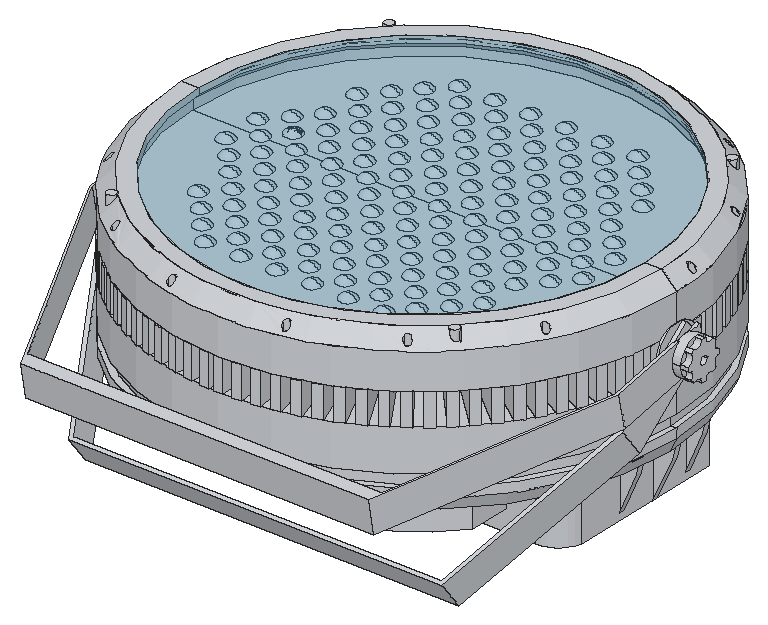
Revit family "WALL WASHER BUILDING_LV2610WW.25", category Luminarias, Revit 2019 (continued)
Forms (mm)
  Revolve 144, solid
    sketch origin (11.49, 92.999, -108.199) x (-1, 0, 0) y (0, 0, 1)
      loop
        arc (-30.028, 289.911) -> (-33.809, 288.864) -> (-36.606, 286.113) r 7.823
        line (-36.606, 286.113) -> (-30.028, 286.113) -> (-30.028, 289.911)
      axis (-30.028, 286.113) -> (-30.028, 289.911)
    angle from 0 to 360
  Revolve 145, solid
    sketch origin (-115.063, 77.354, -108.199) x (-1, 0, 0) y (0, 0, 1)
      loop
        arc (-30.028, 289.911) -> (-33.809, 288.864) -> (-36.606, 286.113) r 7.823
        line (-36.606, 286.113) -> (-30.028, 286.113) -> (-30.028, 289.911)
      axis (-30.028, 286.113) -> (-30.028, 289.911)
    angle from 0 to 360
  Revolve 146, solid
    sketch origin (24.937, 77.354, -108.199) x (-1, 0, 0) y (0, 0, 1)
      loop
        arc (-30.028, 289.911) -> (-33.809, 288.864) -> (-36.606, 286.113) r 7.823
        line (-36.606, 286.113) -> (-30.028, 286.113) -> (-30.028, 289.911)
      axis (-30.028, 286.113) -> (-30.028, 289.911)
    angle from 0 to 360
  Revolve 147, solid
    sketch origin (-87.063, 77.354, -108.199) x (-1, 0, 0) y (0, 0, 1)
      loop
        arc (-30.028, 289.911) -> (-33.809, 288.864) -> (-36.606, 286.113) r 7.823
        line (-36.606, 286.113) -> (-30.028, 286.113) -> (-30.028, 289.911)
      axis (-30.028, 286.113) -> (-30.028, 289.911)
    angle from 0 to 360
  Revolve 148, solid
    sketch origin (-59.063, 77.354, -108.199) x (-1, 0, 0) y (0, 0, 1)
      loop
        arc (-30.028, 289.911) -> (-33.809, 288.864) -> (-36.606, 286.113) r 7.823
        line (-36.606, 286.113) -> (-30.028, 286.113) -> (-30.028, 289.911)
      axis (-30.028, 286.113) -> (-30.028, 289.911)
    angle from 0 to 360
  Revolve 149, solid
    sketch origin (-31.063, 77.354, -108.199) x (-1, 0, 0) y (0, 0, 1)
      loop
        arc (-30.028, 289.911) -> (-33.809, 288.864) -> (-36.606, 286.113) r 7.823
        line (-36.606, 286.113) -> (-30.028, 286.113) -> (-30.028, 289.911)
      axis (-30.028, 286.113) -> (-30.028, 289.911)
    angle from 0 to 360
  Revolve 150, solid
    sketch origin (-3.063, 77.354, -108.199) x (-1, 0, 0) y (0, 0, 1)
      loop
        arc (-30.028, 289.911) -> (-33.809, 288.864) -> (-36.606, 286.113) r 7.823
        line (-36.606, 286.113) -> (-30.028, 286.113) -> (-30.028, 289.911)
      axis (-30.028, 286.113) -> (-30.028, 289.911)
    angle from 0 to 360
  Revolve 151, solid
    sketch origin (52.937, 77.354, -108.199) x (-1, 0, 0) y (0, 0, 1)
      loop
        arc (-30.028, 289.911) -> (-33.809, 288.864) -> (-36.606, 286.113) r 7.823
        line (-36.606, 286.113) -> (-30.028, 286.113) -> (-30.028, 289.911)
      axis (-30.028, 286.113) -> (-30.028, 289.911)
    angle from 0 to 360
  Revolve 152, solid
    sketch origin (-100.51, 61.909, -108.199) x (-1, 0, 0) y (0, 0, 1)
      loop
        arc (-30.028, 289.911) -> (-33.809, 288.864) -> (-36.606, 286.113) r 7.823
        line (-36.606, 286.113) -> (-30.028, 286.113) -> (-30.028, 289.911)
      axis (-30.028, 286.113) -> (-30.028, 289.911)
    angle from 0 to 360
  Revolve 153, solid
    sketch origin (39.49, 61.909, -108.199) x (-1, 0, 0) y (0, 0, 1)
      loop
        arc (-30.028, 289.911) -> (-33.809, 288.864) -> (-36.606, 286.113) r 7.823
        line (-36.606, 286.113) -> (-30.028, 286.113) -> (-30.028, 289.911)
      axis (-30.028, 286.113) -> (-30.028, 289.911)
    angle from 0 to 360
  Revolve 154, solid
    sketch origin (-72.51, 61.909, -108.199) x (-1, 0, 0) y (0, 0, 1)
      loop
        arc (-30.028, 289.911) -> (-33.809, 288.864) -> (-36.606, 286.113) r 7.823
        line (-36.606, 286.113) -> (-30.028, 286.113) -> (-30.028, 289.911)
      axis (-30.028, 286.113) -> (-30.028, 289.911)
    angle from 0 to 360
  Revolve 155, solid
    sketch origin (-44.51, 61.909, -108.199) x (-1, 0, 0) y (0, 0, 1)
      loop
        arc (-30.028, 289.911) -> (-33.809, 288.864) -> (-36.606, 286.113) r 7.823
        line (-36.606, 286.113) -> (-30.028, 286.113) -> (-30.028, 289.911)
      axis (-30.028, 286.113) -> (-30.028, 289.911)
    angle from 0 to 360
  Revolve 156, solid
    sketch origin (-16.51, 61.909, -108.199) x (-1, 0, 0) y (0, 0, 1)
      loop
        arc (-30.028, 289.911) -> (-33.809, 288.864) -> (-36.606, 286.113) r 7.823
        line (-36.606, 286.113) -> (-30.028, 286.113) -> (-30.028, 289.911)
      axis (-30.028, 286.113) -> (-30.028, 289.911)
    angle from 0 to 360
  Revolve 157, solid
    sketch origin (11.49, 61.909, -108.199) x (-1, 0, 0) y (0, 0, 1)
      loop
        arc (-30.028, 289.911) -> (-33.809, 288.864) -> (-36.606, 286.113) r 7.823
        line (-36.606, 286.113) -> (-30.028, 286.113) -> (-30.028, 289.911)
      axis (-30.028, 286.113) -> (-30.028, 289.911)
    angle from 0 to 360
  Revolve 158, solid
    sketch origin (-115.063, 46.246, -108.199) x (-1, 0, 0) y (0, 0, 1)
      loop
        arc (-30.028, 289.911) -> (-33.809, 288.864) -> (-36.606, 286.113) r 7.823
        line (-36.606, 286.113) -> (-30.028, 286.113) -> (-30.028, 289.911)
      axis (-30.028, 286.113) -> (-30.028, 289.911)
    angle from 0 to 360
  Revolve 159, solid
    sketch origin (24.937, 46.246, -108.199) x (-1, 0, 0) y (0, 0, 1)
      loop
        arc (-30.028, 289.911) -> (-33.809, 288.864) -> (-36.606, 286.113) r 7.823
        line (-36.606, 286.113) -> (-30.028, 286.113) -> (-30.028, 289.911)
      axis (-30.028, 286.113) -> (-30.028, 289.911)
    angle from 0 to 360
  Revolve 160, solid
    sketch origin (-87.063, 46.246, -108.199) x (-1, 0, 0) y (0, 0, 1)
      loop
        arc (-30.028, 289.911) -> (-33.809, 288.864) -> (-36.606, 286.113) r 7.823
        line (-36.606, 286.113) -> (-30.028, 286.113) -> (-30.028, 289.911)
      axis (-30.028, 286.113) -> (-30.028, 289.911)
    angle from 0 to 360
  Revolve 161, solid
    sketch origin (-59.063, 46.246, -108.199) x (-1, 0, 0) y (0, 0, 1)
      loop
        arc (-30.028, 289.911) -> (-33.809, 288.864) -> (-36.606, 286.113) r 7.823
        line (-36.606, 286.113) -> (-30.028, 286.113) -> (-30.028, 289.911)
      axis (-30.028, 286.113) -> (-30.028, 289.911)
    angle from 0 to 360
  Revolve 162, solid
    sketch origin (-31.063, 46.246, -108.199) x (-1, 0, 0) y (0, 0, 1)
      loop
        arc (-30.028, 289.911) -> (-33.809, 288.864) -> (-36.606, 286.113) r 7.823
        line (-36.606, 286.113) -> (-30.028, 286.113) -> (-30.028, 289.911)
      axis (-30.028, 286.113) -> (-30.028, 289.911)
    angle from 0 to 360
  Revolve 163, solid
    sketch origin (-3.063, 46.246, -108.199) x (-1, 0, 0) y (0, 0, 1)
      loop
        arc (-30.028, 289.911) -> (-33.809, 288.864) -> (-36.606, 286.113) r 7.823
        line (-36.606, 286.113) -> (-30.028, 286.113) -> (-30.028, 289.911)
      axis (-30.028, 286.113) -> (-30.028, 289.911)
    angle from 0 to 360
  Revolve 164, solid
    sketch origin (52.937, 46.246, -108.199) x (-1, 0, 0) y (0, 0, 1)
      loop
        arc (-30.028, 289.911) -> (-33.809, 288.864) -> (-36.606, 286.113) r 7.823
        line (-36.606, 286.113) -> (-30.028, 286.113) -> (-30.028, 289.911)
      axis (-30.028, 286.113) -> (-30.028, 289.911)
    angle from 0 to 360
  Revolve 165, solid
    sketch origin (-100.51, 30.802, -108.199) x (-1, 0, 0) y (0, 0, 1)
      loop
        arc (-30.028, 289.911) -> (-33.809, 288.864) -> (-36.606, 286.113) r 7.823
        line (-36.606, 286.113) -> (-30.028, 286.113) -> (-30.028, 289.911)
      axis (-30.028, 286.113) -> (-30.028, 289.911)
    angle from 0 to 360
  Revolve 166, solid
    sketch origin (39.49, 30.802, -108.199) x (-1, 0, 0) y (0, 0, 1)
      loop
        arc (-30.028, 289.911) -> (-33.809, 288.864) -> (-36.606, 286.113) r 7.823
        line (-36.606, 286.113) -> (-30.028, 286.113) -> (-30.028, 289.911)
      axis (-30.028, 286.113) -> (-30.028, 289.911)
    angle from 0 to 360
  Revolve 167, solid
    sketch origin (-72.51, 30.802, -108.199) x (-1, 0, 0) y (0, 0, 1)
      loop
        arc (-30.028, 289.911) -> (-33.809, 288.864) -> (-36.606, 286.113) r 7.823
        line (-36.606, 286.113) -> (-30.028, 286.113) -> (-30.028, 289.911)
      axis (-30.028, 286.113) -> (-30.028, 289.911)
    angle from 0 to 360
  Revolve 168, solid
    sketch origin (-44.51, 30.802, -108.199) x (-1, 0, 0) y (0, 0, 1)
      loop
        arc (-30.028, 289.911) -> (-33.809, 288.864) -> (-36.606, 286.113) r 7.823
        line (-36.606, 286.113) -> (-30.028, 286.113) -> (-30.028, 289.911)
      axis (-30.028, 286.113) -> (-30.028, 289.911)
    angle from 0 to 360
  Revolve 169, solid
    sketch origin (-16.51, 30.802, -108.199) x (-1, 0, 0) y (0, 0, 1)
      loop
        arc (-30.028, 289.911) -> (-33.809, 288.864) -> (-36.606, 286.113) r 7.823
        line (-36.606, 286.113) -> (-30.028, 286.113) -> (-30.028, 289.911)
      axis (-30.028, 286.113) -> (-30.028, 289.911)
    angle from 0 to 360
  Revolve 170, solid
    sketch origin (11.49, 30.802, -108.199) x (-1, 0, 0) y (0, 0, 1)
      loop
        arc (-30.028, 289.911) -> (-33.809, 288.864) -> (-36.606, 286.113) r 7.823
        line (-36.606, 286.113) -> (-30.028, 286.113) -> (-30.028, 289.911)
      axis (-30.028, 286.113) -> (-30.028, 289.911)
    angle from 0 to 360
  Revolve 171, solid
    sketch origin (-115.063, 15.138, -108.199) x (-1, 0, 0) y (0, 0, 1)
      loop
        arc (-30.028, 289.911) -> (-33.809, 288.864) -> (-36.606, 286.113) r 7.823
        line (-36.606, 286.113) -> (-30.028, 286.113) -> (-30.028, 289.911)
      axis (-30.028, 286.113) -> (-30.028, 289.911)
    angle from 0 to 360
  Revolve 172, solid
    sketch origin (24.937, 15.138, -108.199) x (-1, 0, 0) y (0, 0, 1)
      loop
        arc (-30.028, 289.911) -> (-33.809, 288.864) -> (-36.606, 286.113) r 7.823
        line (-36.606, 286.113) -> (-30.028, 286.113) -> (-30.028, 289.911)
      axis (-30.028, 286.113) -> (-30.028, 289.911)
    angle from 0 to 360
  Revolve 173, solid
    sketch origin (-87.063, 15.138, -108.199) x (-1, 0, 0) y (0, 0, 1)
      loop
        arc (-30.028, 289.911) -> (-33.809, 288.864) -> (-36.606, 286.113) r 7.823
        line (-36.606, 286.113) -> (-30.028, 286.113) -> (-30.028, 289.911)
      axis (-30.028, 286.113) -> (-30.028, 289.911)
    angle from 0 to 360
  Revolve 174, solid
    sketch origin (-59.063, 15.138, -108.199) x (-1, 0, 0) y (0, 0, 1)
      loop
        arc (-30.028, 289.911) -> (-33.809, 288.864) -> (-36.606, 286.113) r 7.823
        line (-36.606, 286.113) -> (-30.028, 286.113) -> (-30.028, 289.911)
      axis (-30.028, 286.113) -> (-30.028, 289.911)
    angle from 0 to 360
  Revolve 175, solid
    sketch origin (-31.063, 15.138, -108.199) x (-1, 0, 0) y (0, 0, 1)
      loop
        arc (-30.028, 289.911) -> (-33.809, 288.864) -> (-36.606, 286.113) r 7.823
        line (-36.606, 286.113) -> (-30.028, 286.113) -> (-30.028, 289.911)
      axis (-30.028, 286.113) -> (-30.028, 289.911)
    angle from 0 to 360
  Revolve 176, solid
    sketch origin (-3.063, 15.138, -108.199) x (-1, 0, 0) y (0, 0, 1)
      loop
        arc (-30.028, 289.911) -> (-33.809, 288.864) -> (-36.606, 286.113) r 7.823
        line (-36.606, 286.113) -> (-30.028, 286.113) -> (-30.028, 289.911)
      axis (-30.028, 286.113) -> (-30.028, 289.911)
    angle from 0 to 360
  Revolve 177, solid
    sketch origin (52.937, 15.138, -108.199) x (-1, 0, 0) y (0, 0, 1)
      loop
        arc (-30.028, 289.911) -> (-33.809, 288.864) -> (-36.606, 286.113) r 7.823
        line (-36.606, 286.113) -> (-30.028, 286.113) -> (-30.028, 289.911)
      axis (-30.028, 286.113) -> (-30.028, 289.911)
    angle from 0 to 360
  Revolve 178, solid
    sketch origin (-100.51, -0.306, -108.199) x (-1, 0, 0) y (0, 0, 1)
      loop
        arc (-30.028, 289.911) -> (-33.809, 288.864) -> (-36.606, 286.113) r 7.823
        line (-36.606, 286.113) -> (-30.028, 286.113) -> (-30.028, 289.911)
      axis (-30.028, 286.113) -> (-30.028, 289.911)
    angle from 0 to 360
  Revolve 179, solid
    sketch origin (39.49, -0.306, -108.199) x (-1, 0, 0) y (0, 0, 1)
      loop
        arc (-30.028, 289.911) -> (-33.809, 288.864) -> (-36.606, 286.113) r 7.823
        line (-36.606, 286.113) -> (-30.028, 286.113) -> (-30.028, 289.911)
      axis (-30.028, 286.113) -> (-30.028, 289.911)
    angle from 0 to 360
  Revolve 180, solid
    sketch origin (-72.51, -0.306, -108.199) x (-1, 0, 0) y (0, 0, 1)
      loop
        arc (-30.028, 289.911) -> (-33.809, 288.864) -> (-36.606, 286.113) r 7.823
        line (-36.606, 286.113) -> (-30.028, 286.113) -> (-30.028, 289.911)
      axis (-30.028, 286.113) -> (-30.028, 289.911)
    angle from 0 to 360
  Revolve 181, solid
    sketch origin (-44.51, -0.306, -108.199) x (-1, 0, 0) y (0, 0, 1)
      loop
        arc (-30.028, 289.911) -> (-33.809, 288.864) -> (-36.606, 286.113) r 7.823
        line (-36.606, 286.113) -> (-30.028, 286.113) -> (-30.028, 289.911)
      axis (-30.028, 286.113) -> (-30.028, 289.911)
    angle from 0 to 360
  Revolve 182, solid
    sketch origin (-16.51, -0.306, -108.199) x (-1, 0, 0) y (0, 0, 1)
      loop
        arc (-30.028, 289.911) -> (-33.809, 288.864) -> (-36.606, 286.113) r 7.823
        line (-36.606, 286.113) -> (-30.028, 286.113) -> (-30.028, 289.911)
      axis (-30.028, 286.113) -> (-30.028, 289.911)
    angle from 0 to 360
  Revolve 183, solid
    sketch origin (11.49, -0.306, -108.199) x (-1, 0, 0) y (0, 0, 1)
      loop
        arc (-30.028, 289.911) -> (-33.809, 288.864) -> (-36.606, 286.113) r 7.823
        line (-36.606, 286.113) -> (-30.028, 286.113) -> (-30.028, 289.911)
      axis (-30.028, 286.113) -> (-30.028, 289.911)
    angle from 0 to 360
  Revolve 184, solid
    sketch origin (-115.063, -15.837, -108.199) x (-1, 0, 0) y (0, 0, 1)
      loop
        arc (-30.028, 289.911) -> (-33.809, 288.864) -> (-36.606, 286.113) r 7.823
        line (-36.606, 286.113) -> (-30.028, 286.113) -> (-30.028, 289.911)
      axis (-30.028, 286.113) -> (-30.028, 289.911)
    angle from 0 to 360
  Revolve 185, solid
    sketch origin (24.937, -15.837, -108.199) x (-1, 0, 0) y (0, 0, 1)
      loop
        arc (-30.028, 289.911) -> (-33.809, 288.864) -> (-36.606, 286.113) r 7.823
        line (-36.606, 286.113) -> (-30.028, 286.113) -> (-30.028, 289.911)
      axis (-30.028, 286.113) -> (-30.028, 289.911)
    angle from 0 to 360
  Revolve 186, solid
    sketch origin (-87.063, -15.837, -108.199) x (-1, 0, 0) y (0, 0, 1)
      loop
        arc (-30.028, 289.911) -> (-33.809, 288.864) -> (-36.606, 286.113) r 7.823
        line (-36.606, 286.113) -> (-30.028, 286.113) -> (-30.028, 289.911)
      axis (-30.028, 286.113) -> (-30.028, 289.911)
    angle from 0 to 360
  Revolve 187, solid
    sketch origin (-59.063, -15.837, -108.199) x (-1, 0, 0) y (0, 0, 1)
      loop
        arc (-30.028, 289.911) -> (-33.809, 288.864) -> (-36.606, 286.113) r 7.823
        line (-36.606, 286.113) -> (-30.028, 286.113) -> (-30.028, 289.911)
      axis (-30.028, 286.113) -> (-30.028, 289.911)
    angle from 0 to 360
  Revolve 188, solid
    sketch origin (-31.063, -15.837, -108.199) x (-1, 0, 0) y (0, 0, 1)
      loop
        arc (-30.028, 289.911) -> (-33.809, 288.864) -> (-36.606, 286.113) r 7.823
        line (-36.606, 286.113) -> (-30.028, 286.113) -> (-30.028, 289.911)
      axis (-30.028, 286.113) -> (-30.028, 289.911)
    angle from 0 to 360
  Revolve 189, solid
    sketch origin (-3.063, -15.837, -108.199) x (-1, 0, 0) y (0, 0, 1)
      loop
        arc (-30.028, 289.911) -> (-33.809, 288.864) -> (-36.606, 286.113) r 7.823
        line (-36.606, 286.113) -> (-30.028, 286.113) -> (-30.028, 289.911)
      axis (-30.028, 286.113) -> (-30.028, 289.911)
    angle from 0 to 360
  Revolve 190, solid
    sketch origin (52.937, -15.837, -108.199) x (-1, 0, 0) y (0, 0, 1)
      loop
        arc (-30.028, 289.911) -> (-33.809, 288.864) -> (-36.606, 286.113) r 7.823
        line (-36.606, 286.113) -> (-30.028, 286.113) -> (-30.028, 289.911)
      axis (-30.028, 286.113) -> (-30.028, 289.911)
    angle from 0 to 360
  Revolve 191, solid
    sketch origin (-100.51, -31.281, -108.199) x (-1, 0, 0) y (0, 0, 1)
      loop
        arc (-30.028, 289.911) -> (-33.809, 288.864) -> (-36.606, 286.113) r 7.823
        line (-36.606, 286.113) -> (-30.028, 286.113) -> (-30.028, 289.911)
      axis (-30.028, 286.113) -> (-30.028, 289.911)
    angle from 0 to 360
  Revolve 192, solid
    sketch origin (39.49, -31.281, -108.199) x (-1, 0, 0) y (0, 0, 1)
      loop
        arc (-30.028, 289.911) -> (-33.809, 288.864) -> (-36.606, 286.113) r 7.823
        line (-36.606, 286.113) -> (-30.028, 286.113) -> (-30.028, 289.911)
      axis (-30.028, 286.113) -> (-30.028, 289.911)
    angle from 0 to 360
  Revolve 193, solid
    sketch origin (-72.51, -31.281, -108.199) x (-1, 0, 0) y (0, 0, 1)
      loop
        arc (-30.028, 289.911) -> (-33.809, 288.864) -> (-36.606, 286.113) r 7.823
        line (-36.606, 286.113) -> (-30.028, 286.113) -> (-30.028, 289.911)
      axis (-30.028, 286.113) -> (-30.028, 289.911)
    angle from 0 to 360
  Revolve 194, solid
    sketch origin (-44.51, -31.281, -108.199) x (-1, 0, 0) y (0, 0, 1)
      loop
        arc (-30.028, 289.911) -> (-33.809, 288.864) -> (-36.606, 286.113) r 7.823
        line (-36.606, 286.113) -> (-30.028, 286.113) -> (-30.028, 289.911)
      axis (-30.028, 286.113) -> (-30.028, 289.911)
    angle from 0 to 360
  Revolve 195, solid
    sketch origin (-16.51, -31.281, -108.199) x (-1, 0, 0) y (0, 0, 1)
      loop
        arc (-30.028, 289.911) -> (-33.809, 288.864) -> (-36.606, 286.113) r 7.823
        line (-36.606, 286.113) -> (-30.028, 286.113) -> (-30.028, 289.911)
      axis (-30.028, 286.113) -> (-30.028, 289.911)
    angle from 0 to 360
  Revolve 196, solid
    sketch origin (11.49, -31.281, -108.199) x (-1, 0, 0) y (0, 0, 1)
      loop
        arc (-30.028, 289.911) -> (-33.809, 288.864) -> (-36.606, 286.113) r 7.823
        line (-36.606, 286.113) -> (-30.028, 286.113) -> (-30.028, 289.911)
      axis (-30.028, 286.113) -> (-30.028, 289.911)
    angle from 0 to 360
  Revolve 197, solid
    sketch origin (-115.063, -46.945, -108.199) x (-1, 0, 0) y (0, 0, 1)
      loop
        arc (-30.028, 289.911) -> (-33.809, 288.864) -> (-36.606, 286.113) r 7.823
        line (-36.606, 286.113) -> (-30.028, 286.113) -> (-30.028, 289.911)
      axis (-30.028, 286.113) -> (-30.028, 289.911)
    angle from 0 to 360
  Revolve 198, solid
    sketch origin (24.937, -46.945, -108.199) x (-1, 0, 0) y (0, 0, 1)
      loop
        arc (-30.028, 289.911) -> (-33.809, 288.864) -> (-36.606, 286.113) r 7.823
        line (-36.606, 286.113) -> (-30.028, 286.113) -> (-30.028, 289.911)
      axis (-30.028, 286.113) -> (-30.028, 289.911)
    angle from 0 to 360
  Revolve 199, solid
    sketch origin (-87.063, -46.945, -108.199) x (-1, 0, 0) y (0, 0, 1)
      loop
        arc (-30.028, 289.911) -> (-33.809, 288.864) -> (-36.606, 286.113) r 7.823
        line (-36.606, 286.113) -> (-30.028, 286.113) -> (-30.028, 289.911)
      axis (-30.028, 286.113) -> (-30.028, 289.911)
    angle from 0 to 360
  Revolve 200, solid
    sketch origin (-59.063, -46.945, -108.199) x (-1, 0, 0) y (0, 0, 1)
      loop
        arc (-30.028, 289.911) -> (-33.809, 288.864) -> (-36.606, 286.113) r 7.823
        line (-36.606, 286.113) -> (-30.028, 286.113) -> (-30.028, 289.911)
      axis (-30.028, 286.113) -> (-30.028, 289.911)
    angle from 0 to 360
  Revolve 201, solid
    sketch origin (-31.063, -46.945, -108.199) x (-1, 0, 0) y (0, 0, 1)
      loop
        arc (-30.028, 289.911) -> (-33.809, 288.864) -> (-36.606, 286.113) r 7.823
        line (-36.606, 286.113) -> (-30.028, 286.113) -> (-30.028, 289.911)
      axis (-30.028, 286.113) -> (-30.028, 289.911)
    angle from 0 to 360
  Revolve 202, solid
    sketch origin (-3.063, -46.945, -108.199) x (-1, 0, 0) y (0, 0, 1)
      loop
        arc (-30.028, 289.911) -> (-33.809, 288.864) -> (-36.606, 286.113) r 7.823
        line (-36.606, 286.113) -> (-30.028, 286.113) -> (-30.028, 289.911)
      axis (-30.028, 286.113) -> (-30.028, 289.911)
    angle from 0 to 360
  Revolve 203, solid
    sketch origin (52.937, -46.945, -108.199) x (-1, 0, 0) y (0, 0, 1)
      loop
        arc (-30.028, 289.911) -> (-33.809, 288.864) -> (-36.606, 286.113) r 7.823
        line (-36.606, 286.113) -> (-30.028, 286.113) -> (-30.028, 289.911)
      axis (-30.028, 286.113) -> (-30.028, 289.911)
    angle from 0 to 360
  Revolve 204, solid
    sketch origin (-100.51, -62.389, -108.199) x (-1, 0, 0) y (0, 0, 1)
      loop
        arc (-30.028, 289.911) -> (-33.809, 288.864) -> (-36.606, 286.113) r 7.823
        line (-36.606, 286.113) -> (-30.028, 286.113) -> (-30.028, 289.911)
      axis (-30.028, 286.113) -> (-30.028, 289.911)
    angle from 0 to 360
  Revolve 205, solid
    sketch origin (39.49, -62.389, -108.199) x (-1, 0, 0) y (0, 0, 1)
      loop
        arc (-30.028, 289.911) -> (-33.809, 288.864) -> (-36.606, 286.113) r 7.823
        line (-36.606, 286.113) -> (-30.028, 286.113) -> (-30.028, 289.911)
      axis (-30.028, 286.113) -> (-30.028, 289.911)
    angle from 0 to 360
  Revolve 206, solid
    sketch origin (-72.51, -62.389, -108.199) x (-1, 0, 0) y (0, 0, 1)
      loop
        arc (-30.028, 289.911) -> (-33.809, 288.864) -> (-36.606, 286.113) r 7.823
        line (-36.606, 286.113) -> (-30.028, 286.113) -> (-30.028, 289.911)
      axis (-30.028, 286.113) -> (-30.028, 289.911)
    angle from 0 to 360
  Revolve 207, solid
    sketch origin (-44.51, -62.389, -108.199) x (-1, 0, 0) y (0, 0, 1)
      loop
        arc (-30.028, 289.911) -> (-33.809, 288.864) -> (-36.606, 286.113) r 7.823
        line (-36.606, 286.113) -> (-30.028, 286.113) -> (-30.028, 289.911)
      axis (-30.028, 286.113) -> (-30.028, 289.911)
    angle from 0 to 360
  Revolve 208, solid
    sketch origin (-16.51, -62.389, -108.199) x (-1, 0, 0) y (0, 0, 1)
      loop
        arc (-30.028, 289.911) -> (-33.809, 288.864) -> (-36.606, 286.113) r 7.823
        line (-36.606, 286.113) -> (-30.028, 286.113) -> (-30.028, 289.911)
      axis (-30.028, 286.113) -> (-30.028, 289.911)
    angle from 0 to 360
  Revolve 209, solid
    sketch origin (11.49, -62.389, -108.199) x (-1, 0, 0) y (0, 0, 1)
      loop
        arc (-30.028, 289.911) -> (-33.809, 288.864) -> (-36.606, 286.113) r 7.823
        line (-36.606, 286.113) -> (-30.028, 286.113) -> (-30.028, 289.911)
      axis (-30.028, 286.113) -> (-30.028, 289.911)
    angle from 0 to 360
  Revolve 210, solid
    sketch origin (-115.063, -77.872, -108.199) x (-1, 0, 0) y (0, 0, 1)
      loop
        arc (-30.028, 289.911) -> (-33.809, 288.864) -> (-36.606, 286.113) r 7.823
        line (-36.606, 286.113) -> (-30.028, 286.113) -> (-30.028, 289.911)
      axis (-30.028, 286.113) -> (-30.028, 289.911)
    angle from 0 to 360
  Revolve 211, solid
    sketch origin (24.937, -77.872, -108.199) x (-1, 0, 0) y (0, 0, 1)
      loop
        arc (-30.028, 289.911) -> (-33.809, 288.864) -> (-36.606, 286.113) r 7.823
        line (-36.606, 286.113) -> (-30.028, 286.113) -> (-30.028, 289.911)
      axis (-30.028, 286.113) -> (-30.028, 289.911)
    angle from 0 to 360
  Revolve 212, solid
    sketch origin (-87.063, -77.872, -108.199) x (-1, 0, 0) y (0, 0, 1)
      loop
        arc (-30.028, 289.911) -> (-33.809, 288.864) -> (-36.606, 286.113) r 7.823
        line (-36.606, 286.113) -> (-30.028, 286.113) -> (-30.028, 289.911)
      axis (-30.028, 286.113) -> (-30.028, 289.911)
    angle from 0 to 360
  Revolve 213, solid
    sketch origin (-59.063, -77.872, -108.199) x (-1, 0, 0) y (0, 0, 1)
      loop
        arc (-30.028, 289.911) -> (-33.809, 288.864) -> (-36.606, 286.113) r 7.823
        line (-36.606, 286.113) -> (-30.028, 286.113) -> (-30.028, 289.911)
      axis (-30.028, 286.113) -> (-30.028, 289.911)
    angle from 0 to 360
  Revolve 214, solid
    sketch origin (-31.063, -77.872, -108.199) x (-1, 0, 0) y (0, 0, 1)
      loop
        arc (-30.028, 289.911) -> (-33.809, 288.864) -> (-36.606, 286.113) r 7.823
        line (-36.606, 286.113) -> (-30.028, 286.113) -> (-30.028, 289.911)
      axis (-30.028, 286.113) -> (-30.028, 289.911)
    angle from 0 to 360
  Revolve 215, solid
    sketch origin (-3.063, -77.872, -108.199) x (-1, 0, 0) y (0, 0, 1)
      loop
        arc (-30.028, 289.911) -> (-33.809, 288.864) -> (-36.606, 286.113) r 7.823
        line (-36.606, 286.113) -> (-30.028, 286.113) -> (-30.028, 289.911)
      axis (-30.028, 286.113) -> (-30.028, 289.911)
    angle from 0 to 360
  Revolve 216, solid
    sketch origin (52.937, -77.872, -108.199) x (-1, 0, 0) y (0, 0, 1)
      loop
        arc (-30.028, 289.911) -> (-33.809, 288.864) -> (-36.606, 286.113) r 7.823
        line (-36.606, 286.113) -> (-30.028, 286.113) -> (-30.028, 289.911)
      axis (-30.028, 286.113) -> (-30.028, 289.911)
    angle from 0 to 360
  Revolve 217, solid
    sketch origin (-100.51, -93.316, -108.199) x (-1, 0, 0) y (0, 0, 1)
      loop
        arc (-30.028, 289.911) -> (-33.809, 288.864) -> (-36.606, 286.113) r 7.823
        line (-36.606, 286.113) -> (-30.028, 286.113) -> (-30.028, 289.911)
      axis (-30.028, 286.113) -> (-30.028, 289.911)
    angle from 0 to 360
  Revolve 218, solid
    sketch origin (39.49, -93.316, -108.199) x (-1, 0, 0) y (0, 0, 1)
      loop
        arc (-30.028, 289.911) -> (-33.809, 288.864) -> (-36.606, 286.113) r 7.823
        line (-36.606, 286.113) -> (-30.028, 286.113) -> (-30.028, 289.911)
      axis (-30.028, 286.113) -> (-30.028, 289.911)
    angle from 0 to 360
  Revolve 219, solid
    sketch origin (-72.51, -93.316, -108.199) x (-1, 0, 0) y (0, 0, 1)
      loop
        arc (-30.028, 289.911) -> (-33.809, 288.864) -> (-36.606, 286.113) r 7.823
        line (-36.606, 286.113) -> (-30.028, 286.113) -> (-30.028, 289.911)
      axis (-30.028, 286.113) -> (-30.028, 289.911)
    angle from 0 to 360
  Revolve 220, solid
    sketch origin (-44.51, -93.316, -108.199) x (-1, 0, 0) y (0, 0, 1)
      loop
        arc (-30.028, 289.911) -> (-33.809, 288.864) -> (-36.606, 286.113) r 7.823
        line (-36.606, 286.113) -> (-30.028, 286.113) -> (-30.028, 289.911)
      axis (-30.028, 286.113) -> (-30.028, 289.911)
    angle from 0 to 360
  Revolve 221, solid
    sketch origin (-16.51, -93.316, -108.199) x (-1, 0, 0) y (0, 0, 1)
      loop
        arc (-30.028, 289.911) -> (-33.809, 288.864) -> (-36.606, 286.113) r 7.823
        line (-36.606, 286.113) -> (-30.028, 286.113) -> (-30.028, 289.911)
      axis (-30.028, 286.113) -> (-30.028, 289.911)
    angle from 0 to 360
  Revolve 222, solid
    sketch origin (11.49, -93.316, -108.199) x (-1, 0, 0) y (0, 0, 1)
      loop
        arc (-30.028, 289.911) -> (-33.809, 288.864) -> (-36.606, 286.113) r 7.823
        line (-36.606, 286.113) -> (-30.028, 286.113) -> (-30.028, 289.911)
      axis (-30.028, 286.113) -> (-30.028, 289.911)
    angle from 0 to 360
  Revolve 223, solid
    sketch origin (-115.063, -108.984, -108.199) x (-1, 0, 0) y (0, 0, 1)
      loop
        arc (-30.028, 289.911) -> (-33.809, 288.864) -> (-36.606, 286.113) r 7.823
        line (-36.606, 286.113) -> (-30.028, 286.113) -> (-30.028, 289.911)
      axis (-30.028, 286.113) -> (-30.028, 289.911)
    angle from 0 to 360
  Revolve 224, solid
    sketch origin (24.937, -108.984, -108.199) x (-1, 0, 0) y (0, 0, 1)
      loop
        arc (-30.028, 289.911) -> (-33.809, 288.864) -> (-36.606, 286.113) r 7.823
        line (-36.606, 286.113) -> (-30.028, 286.113) -> (-30.028, 289.911)
      axis (-30.028, 286.113) -> (-30.028, 289.911)
    angle from 0 to 360
  Revolve 225, solid
    sketch origin (-87.063, -108.984, -108.199) x (-1, 0, 0) y (0, 0, 1)
      loop
        arc (-30.028, 289.911) -> (-33.809, 288.864) -> (-36.606, 286.113) r 7.823
        line (-36.606, 286.113) -> (-30.028, 286.113) -> (-30.028, 289.911)
      axis (-30.028, 286.113) -> (-30.028, 289.911)
    angle from 0 to 360
  Revolve 226, solid
    sketch origin (-59.063, -108.984, -108.199) x (-1, 0, 0) y (0, 0, 1)
      loop
        arc (-30.028, 289.911) -> (-33.809, 288.864) -> (-36.606, 286.113) r 7.823
        line (-36.606, 286.113) -> (-30.028, 286.113) -> (-30.028, 289.911)
      axis (-30.028, 286.113) -> (-30.028, 289.911)
    angle from 0 to 360
  Revolve 227, solid
    sketch origin (-31.063, -108.984, -108.199) x (-1, 0, 0) y (0, 0, 1)
      loop
        arc (-30.028, 289.911) -> (-33.809, 288.864) -> (-36.606, 286.113) r 7.823
        line (-36.606, 286.113) -> (-30.028, 286.113) -> (-30.028, 289.911)
      axis (-30.028, 286.113) -> (-30.028, 289.911)
    angle from 0 to 360
  Revolve 228, solid
    sketch origin (-3.063, -108.984, -108.199) x (-1, 0, 0) y (0, 0, 1)
      loop
        arc (-30.028, 289.911) -> (-33.809, 288.864) -> (-36.606, 286.113) r 7.823
        line (-36.606, 286.113) -> (-30.028, 286.113) -> (-30.028, 289.911)
      axis (-30.028, 286.113) -> (-30.028, 289.911)
    angle from 0 to 360
  Revolve 229, solid
    sketch origin (52.937, -108.984, -108.199) x (-1, 0, 0) y (0, 0, 1)
      loop
        arc (-30.028, 289.911) -> (-33.809, 288.864) -> (-36.606, 286.113) r 7.823
        line (-36.606, 286.113) -> (-30.028, 286.113) -> (-30.028, 289.911)
      axis (-30.028, 286.113) -> (-30.028, 289.911)
    angle from 0 to 360
  Revolve 230, solid
    sketch origin (-100.51, -124.429, -108.199) x (-1, 0, 0) y (0, 0, 1)
      loop
        arc (-30.028, 289.911) -> (-33.809, 288.864) -> (-36.606, 286.113) r 7.823
        line (-36.606, 286.113) -> (-30.028, 286.113) -> (-30.028, 289.911)
      axis (-30.028, 286.113) -> (-30.028, 289.911)
    angle from 0 to 360
  Revolve 231, solid
    sketch origin (39.49, -124.429, -108.199) x (-1, 0, 0) y (0, 0, 1)
      loop
        arc (-30.028, 289.911) -> (-33.809, 288.864) -> (-36.606, 286.113) r 7.823
        line (-36.606, 286.113) -> (-30.028, 286.113) -> (-30.028, 289.911)
      axis (-30.028, 286.113) -> (-30.028, 289.911)
    angle from 0 to 360
  Revolve 232, solid
    sketch origin (-72.51, -124.429, -108.199) x (-1, 0, 0) y (0, 0, 1)
      loop
        arc (-30.028, 289.911) -> (-33.809, 288.864) -> (-36.606, 286.113) r 7.823
        line (-36.606, 286.113) -> (-30.028, 286.113) -> (-30.028, 289.911)
      axis (-30.028, 286.113) -> (-30.028, 289.911)
    angle from 0 to 360
  Revolve 233, solid
    sketch origin (-44.51, -124.429, -108.199) x (-1, 0, 0) y (0, 0, 1)
      loop
        arc (-30.028, 289.911) -> (-33.809, 288.864) -> (-36.606, 286.113) r 7.823
        line (-36.606, 286.113) -> (-30.028, 286.113) -> (-30.028, 289.911)
      axis (-30.028, 286.113) -> (-30.028, 289.911)
    angle from 0 to 360
  Revolve 234, solid
    sketch origin (-16.51, -124.429, -108.199) x (-1, 0, 0) y (0, 0, 1)
      loop
        arc (-30.028, 289.911) -> (-33.809, 288.864) -> (-36.606, 286.113) r 7.823
        line (-36.606, 286.113) -> (-30.028, 286.113) -> (-30.028, 289.911)
      axis (-30.028, 286.113) -> (-30.028, 289.911)
    angle from 0 to 360
  Revolve 235, solid
    sketch origin (11.49, -124.429, -108.199) x (-1, 0, 0) y (0, 0, 1)
      loop
        arc (-30.028, 289.911) -> (-33.809, 288.864) -> (-36.606, 286.113) r 7.823
        line (-36.606, 286.113) -> (-30.028, 286.113) -> (-30.028, 289.911)
      axis (-30.028, 286.113) -> (-30.028, 289.911)
    angle from 0 to 360
  Revolve 236, solid
    sketch origin (67.49, 61.909, -108.199) x (-1, 0, 0) y (0, 0, 1)
      loop
        arc (-30.028, 289.911) -> (-33.809, 288.864) -> (-36.606, 286.113) r 7.823
        line (-36.606, 286.113) -> (-30.028, 286.113) -> (-30.028, 289.911)
      axis (-30.028, 286.113) -> (-30.028, 289.911)
    angle from 0 to 360
  Revolve 237, solid
    sketch origin (80.937, 46.246, -108.199) x (-1, 0, 0) y (0, 0, 1)
      loop
        arc (-30.028, 289.911) -> (-33.809, 288.864) -> (-36.606, 286.113) r 7.823
        line (-36.606, 286.113) -> (-30.028, 286.113) -> (-30.028, 289.911)
      axis (-30.028, 286.113) -> (-30.028, 289.911)
    angle from 0 to 360
  Revolve 238, solid
    sketch origin (67.49, 30.802, -108.199) x (-1, 0, 0) y (0, 0, 1)
      loop
        arc (-30.028, 289.911) -> (-33.809, 288.864) -> (-36.606, 286.113) r 7.823
        line (-36.606, 286.113) -> (-30.028, 286.113) -> (-30.028, 289.911)
      axis (-30.028, 286.113) -> (-30.028, 289.911)
    angle from 0 to 360
  Revolve 239, solid
    sketch origin (80.937, 15.138, -108.199) x (-1, 0, 0) y (0, 0, 1)
      loop
        arc (-30.028, 289.911) -> (-33.809, 288.864) -> (-36.606, 286.113) r 7.823
        line (-36.606, 286.113) -> (-30.028, 286.113) -> (-30.028, 289.911)
      axis (-30.028, 286.113) -> (-30.028, 289.911)
    angle from 0 to 360
  Revolve 240, solid
    sketch origin (67.49, -0.306, -108.199) x (-1, 0, 0) y (0, 0, 1)
      loop
        arc (-30.028, 289.911) -> (-33.809, 288.864) -> (-36.606, 286.113) r 7.823
        line (-36.606, 286.113) -> (-30.028, 286.113) -> (-30.028, 289.911)
      axis (-30.028, 286.113) -> (-30.028, 289.911)
    angle from 0 to 360
  Revolve 241, solid
    sketch origin (80.937, -15.837, -108.199) x (-1, 0, 0) y (0, 0, 1)
      loop
        arc (-30.028, 289.911) -> (-33.809, 288.864) -> (-36.606, 286.113) r 7.823
        line (-36.606, 286.113) -> (-30.028, 286.113) -> (-30.028, 289.911)
      axis (-30.028, 286.113) -> (-30.028, 289.911)
    angle from 0 to 360
  Revolve 242, solid
    sketch origin (67.49, -31.281, -108.199) x (-1, 0, 0) y (0, 0, 1)
      loop
        arc (-30.028, 289.911) -> (-33.809, 288.864) -> (-36.606, 286.113) r 7.823
        line (-36.606, 286.113) -> (-30.028, 286.113) -> (-30.028, 289.911)
      axis (-30.028, 286.113) -> (-30.028, 289.911)
    angle from 0 to 360
  Revolve 243, solid
    sketch origin (80.937, -46.945, -108.199) x (-1, 0, 0) y (0, 0, 1)
      loop
        arc (-30.028, 289.911) -> (-33.809, 288.864) -> (-36.606, 286.113) r 7.823
        line (-36.606, 286.113) -> (-30.028, 286.113) -> (-30.028, 289.911)
      axis (-30.028, 286.113) -> (-30.028, 289.911)
    angle from 0 to 360
  Revolve 244, solid
    sketch origin (67.49, -62.389, -108.199) x (-1, 0, 0) y (0, 0, 1)
      loop
        arc (-30.028, 289.911) -> (-33.809, 288.864) -> (-36.606, 286.113) r 7.823
        line (-36.606, 286.113) -> (-30.028, 286.113) -> (-30.028, 289.911)
      axis (-30.028, 286.113) -> (-30.028, 289.911)
    angle from 0 to 360
  Revolve 245, solid
    sketch origin (80.937, -77.872, -108.199) x (-1, 0, 0) y (0, 0, 1)
      loop
        arc (-30.028, 289.911) -> (-33.809, 288.864) -> (-36.606, 286.113) r 7.823
        line (-36.606, 286.113) -> (-30.028, 286.113) -> (-30.028, 289.911)
      axis (-30.028, 286.113) -> (-30.028, 289.911)
    angle from 0 to 360
  Revolve 246, solid
    sketch origin (67.49, -93.316, -108.199) x (-1, 0, 0) y (0, 0, 1)
      loop
        arc (-30.028, 289.911) -> (-33.809, 288.864) -> (-36.606, 286.113) r 7.823
        line (-36.606, 286.113) -> (-30.028, 286.113) -> (-30.028, 289.911)
      axis (-30.028, 286.113) -> (-30.028, 289.911)
    angle from 0 to 360
  Revolve 247, solid
    sketch origin (95.49, 30.802, -108.199) x (-1, 0, 0) y (0, 0, 1)
      loop
        arc (-30.028, 289.911) -> (-33.809, 288.864) -> (-36.606, 286.113) r 7.823
        line (-36.606, 286.113) -> (-30.028, 286.113) -> (-30.028, 289.911)
      axis (-30.028, 286.113) -> (-30.028, 289.911)
    angle from 0 to 360
  Revolve 248, solid
    sketch origin (108.937, 15.138, -108.199) x (-1, 0, 0) y (0, 0, 1)
      loop
        arc (-30.028, 289.911) -> (-33.809, 288.864) -> (-36.606, 286.113) r 7.823
        line (-36.606, 286.113) -> (-30.028, 286.113) -> (-30.028, 289.911)
      axis (-30.028, 286.113) -> (-30.028, 289.911)
    angle from 0 to 360
  Revolve 249, solid
    sketch origin (95.49, -0.306, -108.199) x (-1, 0, 0) y (0, 0, 1)
      loop
        arc (-30.028, 289.911) -> (-33.809, 288.864) -> (-36.606, 286.113) r 7.823
        line (-36.606, 286.113) -> (-30.028, 286.113) -> (-30.028, 289.911)
      axis (-30.028, 286.113) -> (-30.028, 289.911)
    angle from 0 to 360
  Revolve 250, solid
    sketch origin (108.937, -15.837, -108.199) x (-1, 0, 0) y (0, 0, 1)
      loop
        arc (-30.028, 289.911) -> (-33.809, 288.864) -> (-36.606, 286.113) r 7.823
        line (-36.606, 286.113) -> (-30.028, 286.113) -> (-30.028, 289.911)
      axis (-30.028, 286.113) -> (-30.028, 289.911)
    angle from 0 to 360
  Revolve 251, solid
    sketch origin (95.49, -31.281, -108.199) x (-1, 0, 0) y (0, 0, 1)
      loop
        arc (-30.028, 289.911) -> (-33.809, 288.864) -> (-36.606, 286.113) r 7.823
        line (-36.606, 286.113) -> (-30.028, 286.113) -> (-30.028, 289.911)
      axis (-30.028, 286.113) -> (-30.028, 289.911)
    angle from 0 to 360
  Revolve 252, solid
    sketch origin (67.49, 92.999, -108.199) x (-1, 0, 0) y (0, 0, 1)
      loop
        arc (-30.028, 289.911) -> (-33.809, 288.864) -> (-36.606, 286.113) r 7.823
        line (-36.606, 286.113) -> (-30.028, 286.113) -> (-30.028, 289.911)
      axis (-30.028, 286.113) -> (-30.028, 289.911)
    angle from 0 to 360
  Revolve 253, solid
    sketch origin (-128.51, 92.999, -108.199) x (-1, 0, 0) y (0, 0, 1)
      loop
        arc (-30.028, 289.911) -> (-33.809, 288.864) -> (-36.606, 286.113) r 7.823
        line (-36.606, 286.113) -> (-30.028, 286.113) -> (-30.028, 289.911)
      axis (-30.028, 286.113) -> (-30.028, 289.911)
    angle from 0 to 360
  Revolve 254, solid
    sketch origin (-128.51, 61.909, -108.199) x (-1, 0, 0) y (0, 0, 1)
      loop
        arc (-30.028, 289.911) -> (-33.809, 288.864) -> (-36.606, 286.113) r 7.823
        line (-36.606, 286.113) -> (-30.028, 286.113) -> (-30.028, 289.911)
      axis (-30.028, 286.113) -> (-30.028, 289.911)
    angle from 0 to 360
  Revolve 255, solid
    sketch origin (-143.063, 46.246, -108.199) x (-1, 0, 0) y (0, 0, 1)
      loop
        arc (-30.028, 289.911) -> (-33.809, 288.864) -> (-36.606, 286.113) r 7.823
        line (-36.606, 286.113) -> (-30.028, 286.113) -> (-30.028, 289.911)
      axis (-30.028, 286.113) -> (-30.028, 289.911)
    angle from 0 to 360
  Revolve 256, solid
    sketch origin (-128.51, 30.802, -108.199) x (-1, 0, 0) y (0, 0, 1)
      loop
        arc (-30.028, 289.911) -> (-33.809, 288.864) -> (-36.606, 286.113) r 7.823
        line (-36.606, 286.113) -> (-30.028, 286.113) -> (-30.028, 289.911)
      axis (-30.028, 286.113) -> (-30.028, 289.911)
    angle from 0 to 360
  Revolve 257, solid
    sketch origin (-143.063, 15.138, -108.199) x (-1, 0, 0) y (0, 0, 1)
      loop
        arc (-30.028, 289.911) -> (-33.809, 288.864) -> (-36.606, 286.113) r 7.823
        line (-36.606, 286.113) -> (-30.028, 286.113) -> (-30.028, 289.911)
      axis (-30.028, 286.113) -> (-30.028, 289.911)
    angle from 0 to 360
  Revolve 258, solid
    sketch origin (-83.008, 15.253, -108.199) x (1, 0, 0) y (0, 0, 1)
      loop
        arc (-30.028, 289.911) -> (-33.809, 288.864) -> (-36.606, 286.113) r 7.823
        line (-36.606, 286.113) -> (-30.028, 286.113) -> (-30.028, 289.911)
      axis (-30.028, 286.113) -> (-30.028, 289.911)
    angle from 0 to 360
  Revolve 259, solid
    sketch origin (-128.51, -0.192, -108.199) x (-1, 0, 0) y (0, 0, 1)
      loop
        arc (-30.028, 289.911) -> (-33.809, 288.864) -> (-36.606, 286.113) r 7.823
        line (-36.606, 286.113) -> (-30.028, 286.113) -> (-30.028, 289.911)
      axis (-30.028, 286.113) -> (-30.028, 289.911)
    angle from 0 to 360
  Revolve 260, solid
    sketch origin (-83.008, -15.837, -108.199) x (1, 0, 0) y (0, 0, 1)
      loop
        arc (-30.028, 289.911) -> (-33.809, 288.864) -> (-36.606, 286.113) r 7.823
        line (-36.606, 286.113) -> (-30.028, 286.113) -> (-30.028, 289.911)
      axis (-30.028, 286.113) -> (-30.028, 289.911)
    angle from 0 to 360
  Revolve 261, solid
    sketch origin (-128.51, -31.281, -108.199) x (-1, 0, 0) y (0, 0, 1)
      loop
        arc (-30.028, 289.911) -> (-33.809, 288.864) -> (-36.606, 286.113) r 7.823
        line (-36.606, 286.113) -> (-30.028, 286.113) -> (-30.028, 289.911)
      axis (-30.028, 286.113) -> (-30.028, 289.911)
    angle from 0 to 360
  Revolve 262, solid
    sketch origin (-83.008, -46.945, -108.199) x (1, 0, 0) y (0, 0, 1)
      loop
        arc (-30.028, 289.911) -> (-33.809, 288.864) -> (-36.606, 286.113) r 7.823
        line (-36.606, 286.113) -> (-30.028, 286.113) -> (-30.028, 289.911)
      axis (-30.028, 286.113) -> (-30.028, 289.911)
    angle from 0 to 360
  Revolve 263, solid
    sketch origin (-128.51, -62.389, -108.199) x (-1, 0, 0) y (0, 0, 1)
      loop
        arc (-30.028, 289.911) -> (-33.809, 288.864) -> (-36.606, 286.113) r 7.823
        line (-36.606, 286.113) -> (-30.028, 286.113) -> (-30.028, 289.911)
      axis (-30.028, 286.113) -> (-30.028, 289.911)
    angle from 0 to 360
  Revolve 264, solid
    sketch origin (-143.063, -77.872, -108.199) x (-1, 0, 0) y (0, 0, 1)
      loop
        arc (-30.028, 289.911) -> (-33.809, 288.864) -> (-36.606, 286.113) r 7.823
        line (-36.606, 286.113) -> (-30.028, 286.113) -> (-30.028, 289.911)
      axis (-30.028, 286.113) -> (-30.028, 289.911)
    angle from 0 to 360
  Revolve 265, solid
    sketch origin (-68.455, -93.316, -108.199) x (1, 0, 0) y (0, 0, 1)
      loop
        arc (-30.028, 289.911) -> (-33.809, 288.864) -> (-36.606, 286.113) r 7.823
        line (-36.606, 286.113) -> (-30.028, 286.113) -> (-30.028, 289.911)
      axis (-30.028, 286.113) -> (-30.028, 289.911)
    angle from 0 to 360
  Revolve 266, solid
    sketch origin (-96.455, -31.281, -108.199) x (1, 0, 0) y (0, 0, 1)
      loop
        arc (-30.028, 289.911) -> (-33.809, 288.864) -> (-36.606, 286.113) r 7.823
        line (-36.606, 286.113) -> (-30.028, 286.113) -> (-30.028, 289.911)
      axis (-30.028, 286.113) -> (-30.028, 289.911)
    angle from 0 to 360
  Revolve 267, solid
    sketch origin (-111.008, -15.837, -108.199) x (1, 0, 0) y (0, 0, 1)
      loop
        arc (-30.028, 289.911) -> (-33.809, 288.864) -> (-36.606, 286.113) r 7.823
        line (-36.606, 286.113) -> (-30.028, 286.113) -> (-30.028, 289.911)
      axis (-30.028, 286.113) -> (-30.028, 289.911)
    angle from 0 to 360
  Revolve 268, solid
    sketch origin (-96.455, -0.192, -108.199) x (1, 0, 0) y (0, 0, 1)
      loop
        arc (-30.028, 289.911) -> (-33.809, 288.864) -> (-36.606, 286.113) r 7.823
        line (-36.606, 286.113) -> (-30.028, 286.113) -> (-30.028, 289.911)
      axis (-30.028, 286.113) -> (-30.028, 289.911)
    angle from 0 to 360
  Revolve 269, solid
    sketch origin (-111.008, 15.253, -108.199) x (1, 0, 0) y (0, 0, 1)
      loop
        arc (-30.028, 289.911) -> (-33.809, 288.864) -> (-36.606, 286.113) r 7.823
        line (-36.606, 286.113) -> (-30.028, 286.113) -> (-30.028, 289.911)
      axis (-30.028, 286.113) -> (-30.028, 289.911)
    angle from 0 to 360
  Revolve 270, solid
    sketch origin (-96.455, 30.802, -108.199) x (1, 0, 0) y (0, 0, 1)
      loop
        arc (-30.028, 289.911) -> (-33.809, 288.864) -> (-36.606, 286.113) r 7.823
        line (-36.606, 286.113) -> (-30.028, 286.113) -> (-30.028, 289.911)
      axis (-30.028, 286.113) -> (-30.028, 289.911)
    angle from 0 to 360
  Revolve 271, solid
    sketch origin (-83.008, 77.354, -108.199) x (1, 0, 0) y (0, 0, 1)
      loop
        arc (-30.028, 289.911) -> (-33.809, 288.864) -> (-36.606, 286.113) r 7.823
        line (-36.606, 286.113) -> (-30.028, 286.113) -> (-30.028, 289.911)
      axis (-30.028, 286.113) -> (-30.028, 289.911)
    angle from 0 to 360
  Revolve 272, solid
    sketch origin (80.937, 77.354, -108.199) x (-1, 0, 0) y (0, 0, 1)
      loop
        arc (-30.028, 289.911) -> (-33.809, 288.864) -> (-36.606, 286.113) r 7.823
        line (-36.606, 286.113) -> (-30.028, 286.113) -> (-30.028, 289.911)
      axis (-30.028, 286.113) -> (-30.028, 289.911)
    angle from 0 to 360
  Extrusion 273, solid
    sketch origin (0, -1.61, 0) x (0, 1, 0) y (0, 0, 1)
      loop
        circle (1.61, 142.5) r 20
    from 198.184 to 200.696
  Extrusion 274, solid
    sketch origin (0, 0, 0) x (0, 1, 0) y (0, 0, 1)
      loop
        circle (0, 142.5) r 15
    from 207.368 to 214.676
  Extrusion 275, solid
    sketch origin (0, 0, -78.938) x (0, 1, 0) y (0, 0, -1)
      loop
        arc (14.911, -219.803) -> (10.77, -216.977) -> (11.7, -212.051) r 4.579
        arc (11.7, -212.051) -> (10.607, -210.832) -> (9.387, -209.739) r 15
        arc (9.387, -209.739) -> (4.461, -210.669) -> (1.635, -206.528) r 4.579
        arc (1.635, -206.528) -> (0, -206.438) -> (-1.635, -206.528) r 15
        arc (-1.635, -206.528) -> (-4.461, -210.669) -> (-9.387, -209.739) r 4.579
        arc (-9.387, -209.739) -> (-10.607, -210.832) -> (-11.7, -212.051) r 15
        arc (-11.7, -212.051) -> (-10.77, -216.977) -> (-14.911, -219.803) r 4.579
        arc (-14.911, -219.803) -> (-15, -221.438) -> (-14.911, -223.073) r 15
        arc (-14.911, -223.073) -> (-10.77, -225.899) -> (-11.7, -230.825) r 4.579
        arc (-11.7, -230.825) -> (-10.607, -232.045) -> (-9.387, -233.138) r 15
        arc (-9.387, -233.138) -> (-4.461, -232.208) -> (-1.635, -236.349) r 4.579
        arc (-1.635, -236.349) -> (0, -236.438) -> (1.635, -236.349) r 15
        arc (1.635, -236.349) -> (4.461, -232.208) -> (9.387, -233.138) r 4.579
        arc (9.387, -233.138) -> (10.607, -232.045) -> (11.7, -230.825) r 15
        arc (11.7, -230.825) -> (10.77, -225.899) -> (14.911, -223.073) r 4.579
        arc (14.911, -223.073) -> (15, -221.438) -> (14.911, -219.803) r 15
      loop
        circle (0, -221.438) r 3.632
    from -220.417 to -214.676
  Extrusion 276, solid
    sketch origin (0, -139.882, 115.31) x (1, 0, 0) y (0, 0.981627, 0.190809)
      loop
        line (207.368, 157.5) -> (205.081, 157.5) -> (205.081, 77.129) -> (138.666, -72.042) -> (-138.666, -72.042) -> (-205.081, 77.129) -> (-205.081, 157.5) -> (-207.368, 157.5) -> (-207.368, 77.349) -> (-136.504, -81.815) -> (136.504, -81.815) -> (207.368, 77.349) -> (207.368, 157.5)
    from -13.652 to 13.346
  Extrusion 277, solid
    sketch origin (0, -111.907, 54.002) x (1, 0, 0) y (0, 0.782833, 0.622231)
      loop
        line (205.081, 157.5) -> (200.696, 157.5) -> (200.696, 75.496) -> (143.834, -52.219) -> (-143.834, -52.219) -> (-200.696, 75.496) -> (-200.696, 157.5) -> (-205.081, 157.5) -> (-205.081, 77.129) -> (-146.019, -55.526) -> (146.019, -55.526) -> (205.081, 77.129) -> (205.081, 157.5)
    from -13.652 to 13.346
  Extrusion 278, solid
    sketch origin (0, 0, 0) x (0, 1, 0) y (0, 0, -1)
      loop
        circle (0, -142.5) r 15
    from 207.368 to 214.676
  Extrusion 279, solid
    sketch origin (0, 0, -78.938) x (0, 1, 0) y (0, 0, 1)
      loop
        arc (14.911, 219.803) -> (15, 221.438) -> (14.911, 223.073) r 15
        arc (14.911, 223.073) -> (10.77, 225.899) -> (11.7, 230.825) r 4.579
        arc (11.7, 230.825) -> (10.607, 232.045) -> (9.387, 233.138) r 15
        arc (9.387, 233.138) -> (4.461, 232.208) -> (1.635, 236.349) r 4.579
        arc (1.635, 236.349) -> (0, 236.438) -> (-1.635, 236.349) r 15
        arc (-1.635, 236.349) -> (-4.461, 232.208) -> (-9.387, 233.138) r 4.579
        arc (-9.387, 233.138) -> (-10.607, 232.045) -> (-11.7, 230.825) r 15
        arc (-11.7, 230.825) -> (-10.77, 225.899) -> (-14.911, 223.073) r 4.579
        arc (-14.911, 223.073) -> (-15, 221.438) -> (-14.911, 219.803) r 15
        arc (-14.911, 219.803) -> (-10.77, 216.977) -> (-11.7, 212.051) r 4.579
        arc (-11.7, 212.051) -> (-10.607, 210.832) -> (-9.387, 209.739) r 15
        arc (-9.387, 209.739) -> (-4.461, 210.669) -> (-1.635, 206.528) r 4.579
        arc (-1.635, 206.528) -> (0, 206.438) -> (1.635, 206.528) r 15
        arc (1.635, 206.528) -> (4.461, 210.669) -> (9.387, 209.739) r 4.579
        arc (9.387, 209.739) -> (10.607, 210.832) -> (11.7, 212.051) r 15
        arc (11.7, 212.051) -> (10.77, 216.977) -> (14.911, 219.803) r 4.579
      loop
        circle (0, 221.438) r 3.632
    from -220.417 to -214.676
Cuts and joins
  Extrusion 118, Extrusion 119 cuts Extrusion 93
  Extrusion 124 cuts Revolve 1
  joined: Extrusion 274, Extrusion 275
Lines and regions (mm)
  model lines
    curve 1: line (0, 3.632, 142.5) -> (0, -3.632, 142.5)
Dimensions and locks
  plane 4 to plane 2 = 195 mm
  plane 4 to level = 195 mm
  aligned and locked: level to plane 2
  aligned and locked: Extrusion 2 to Revolve 1
  aligned and locked: plane 4 to Extrusion 92
  aligned and locked: Extrusion 111 to Extrusion 94
  aligned and locked: Extrusion 111 to Extrusion 110
  aligned and locked: Extrusion 112 to Extrusion 113
  aligned and locked: Extrusion 114 to Extrusion 110
  aligned and locked: Extrusion 115 to Extrusion 94
  aligned and locked: Extrusion 115 to Extrusion 110
  aligned and locked: plane 4 to Extrusion 124
Connectors
  electrical at (-51.643, -76.696, 8.725)
    settings: on Extrusion 114, index 1, voltage 277 V, apparent load 0 VA, apparent load phase1 0 VA, apparent load phase2 0 VA, apparent load phase3 0 VA, power factor 1, load classification "Otro", number of poles 1, system type 31, power factor state 1, is connector primary yes, connector utility no, sub classification motor no, connector description ""
